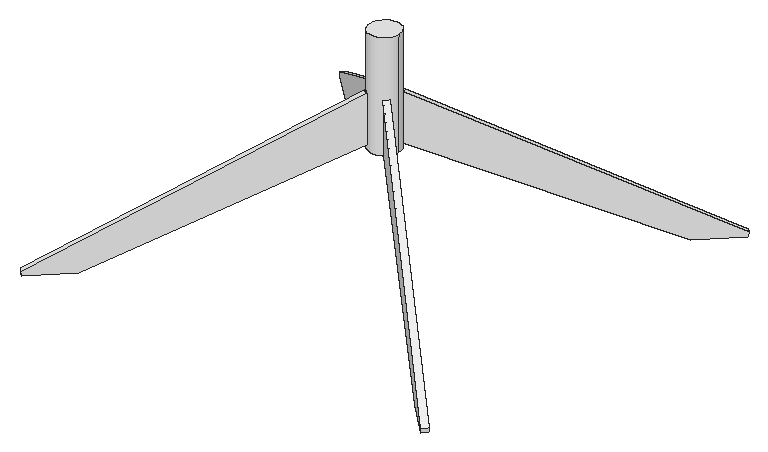
Revit family "Steel Frame", category Furniture Systems, Revit 2016
Family settings
  Part Type = Normal
  Round Connector Dimension = Use Diameter
  OmniClass Number = 23.40.00.00
  OmniClass Title = Equipment and Furnishings
  Work Plane-Based = No
  Always vertical = Yes
  Cut with Voids When Loaded = No
  Shared = No
  Room Calculation Point = No
Parameters
  URL = "www.gof.co.uk"
  Steel Frame = yes
  Range = "STEPS"
  Product Code = ""
  Model = ""
  Manufacturer = "Gresham Office Funiture"  # constant formula
  Frame = Gresham - Chrome
  Assembly Code = "E2020200"
Reference planes
  plane 1 "Center (Front/Back)": y = 0
  plane 2: z = 0
  plane 3 "Center (Left/Right)": x = 0
  plane 4 "Lounge Chair with Headrest": z = 1314
  plane 5 "Lounge Chair": z = 980
  plane 6 "Compact Chair": z = 855
Forms (mm)
  Extrusion 1, solid, material "Gresham - Chrome" <- "Frame", visible <- "Steel Frame"
    sketch origin (10.797, -148.439, 0) x (0.707107, -0.707107, 0) y (0, 0, 1)
      loop
        arc (25.126, 251.316) -> (20.214, 251.171) -> (17.799, 246.891) r 5
        line (17.799, 246.891) -> (17.799, 178.944)
        arc (17.799, 178.944) -> (18.606, 176.22) -> (20.765, 174.376) r 5
        line (20.765, 174.376) -> (412.42, 0) -> (488.814, 0) -> (489.729, 7.026) -> (25.126, 251.316)
    from 10.068 to 20.068
  Extrusion 2, solid, material "Gresham - Chrome" <- "Frame", visible <- "Steel Frame"
    sketch origin (-10.797, -148.439, 0) x (-0.707107, -0.707107, 0) y (0, 0, -1)
      loop
        line (25.126, -251.316) -> (489.729, -7.026) -> (488.814, 0) -> (412.42, 0) -> (20.765, -174.376)
        arc (20.765, -174.376) -> (18.606, -176.22) -> (17.799, -178.944) r 5
        line (17.799, -178.944) -> (17.799, -246.891)
        arc (17.799, -246.891) -> (20.214, -251.171) -> (25.126, -251.316) r 5
    from 10.068 to 20.068
  Extrusion 3, solid, material "Gresham - Chrome" <- "Frame", visible <- "Steel Frame"
    sketch origin (0.364, 0.364, 0) x (1, 0, 0) y (0, 1, 0)
      loop
        circle (0, -158.952) r 25
    from 166.076 to 346.546
  Extrusion 4, solid, material "Gresham - Chrome" <- "Frame", visible <- "Steel Frame", not visible
    sketch origin (10.797, -148.439, 0) x (0.707107, -0.707107, 0) y (0, 0, 1)
      loop
        arc (25.126, 251.316) -> (20.214, 251.171) -> (17.799, 246.891) r 5
        line (17.799, 246.891) -> (17.799, 178.944)
        arc (17.799, 178.944) -> (18.606, 176.22) -> (20.765, 174.376) r 5
        line (20.765, 174.376) -> (412.42, 0) -> (488.814, 0) -> (489.729, 7.026) -> (25.126, 251.316)
    from 10.068 to 20.068
  Extrusion 5, solid, material "Gresham - Chrome" <- "Frame", visible <- "Steel Frame", not visible
    sketch origin (-10.797, -148.439, 0) x (-0.707107, -0.707107, 0) y (0, 0, -1)
      loop
        line (25.126, -251.316) -> (489.729, -7.026) -> (488.814, 0) -> (412.42, 0) -> (20.765, -174.376)
        arc (20.765, -174.376) -> (18.606, -176.22) -> (17.799, -178.944) r 5
        line (17.799, -178.944) -> (17.799, -246.891)
        arc (17.799, -246.891) -> (20.214, -251.171) -> (25.126, -251.316) r 5
    from 10.068 to 20.068
  Extrusion 6, solid, material "Gresham - Chrome" <- "Frame", visible <- "Steel Frame", not visible
    sketch origin (0.364, 0.364, 0) x (1, 0, 0) y (0, 1, 0)
      loop
        circle (0, -158.952) r 25
    from 166.076 to 346.546
  Extrusion 7, solid, material "Gresham - Chrome" <- "Frame", visible <- "Steel Frame"
    sketch origin (10.797, -169.464, 0) x (0.707107, 0.707107, 0) y (0, 0, -1)
      loop
        line (25.126, -251.316) -> (489.729, -7.026) -> (488.814, 0) -> (412.42, 0) -> (20.765, -174.376)
        arc (20.765, -174.376) -> (18.606, -176.22) -> (17.799, -178.944) r 5
        line (17.799, -178.944) -> (17.799, -246.891)
        arc (17.799, -246.891) -> (20.214, -251.171) -> (25.126, -251.316) r 5
    from 10.068 to 20.068
  Extrusion 8, solid, material "Gresham - Chrome" <- "Frame", visible <- "Steel Frame"
    sketch origin (-10.797, -169.464, 0) x (-0.707107, 0.707107, 0) y (0, 0, 1)
      loop
        arc (25.126, 251.316) -> (20.214, 251.171) -> (17.799, 246.891) r 5
        line (17.799, 246.891) -> (17.799, 178.944)
        arc (17.799, 178.944) -> (18.606, 176.22) -> (20.765, 174.376) r 5
        line (20.765, 174.376) -> (412.42, 0) -> (488.814, 0) -> (489.729, 7.026) -> (25.126, 251.316)
    from 10.068 to 20.068
  Extrusion 9, solid, material "Gresham - Chrome" <- "Frame", visible <- "Steel Frame", not visible
    sketch origin (10.797, -169.464, 0) x (0.707107, 0.707107, 0) y (0, 0, -1)
      loop
        line (25.126, -251.316) -> (489.729, -7.026) -> (488.814, 0) -> (412.42, 0) -> (20.765, -174.376)
        arc (20.765, -174.376) -> (18.606, -176.22) -> (17.799, -178.944) r 5
        line (17.799, -178.944) -> (17.799, -246.891)
        arc (17.799, -246.891) -> (20.214, -251.171) -> (25.126, -251.316) r 5
    from 10.068 to 20.068
  Extrusion 10, solid, material "Gresham - Chrome" <- "Frame", visible <- "Steel Frame", not visible
    sketch origin (-10.797, -169.464, 0) x (-0.707107, 0.707107, 0) y (0, 0, 1)
      loop
        arc (25.126, 251.316) -> (20.214, 251.171) -> (17.799, 246.891) r 5
        line (17.799, 246.891) -> (17.799, 178.944)
        arc (17.799, 178.944) -> (18.606, 176.22) -> (20.765, 174.376) r 5
        line (20.765, 174.376) -> (412.42, 0) -> (488.814, 0) -> (489.729, 7.026) -> (25.126, 251.316)
    from 10.068 to 20.068
Dimensions and locks
  plane 5 "Lounge Chair" to level = 980 mm
  plane 6 "Compact Chair" to level = 855 mm
  plane 4 "Lounge Chair with Headrest" to level = 1314 mm
  aligned and locked: level to plane 2
